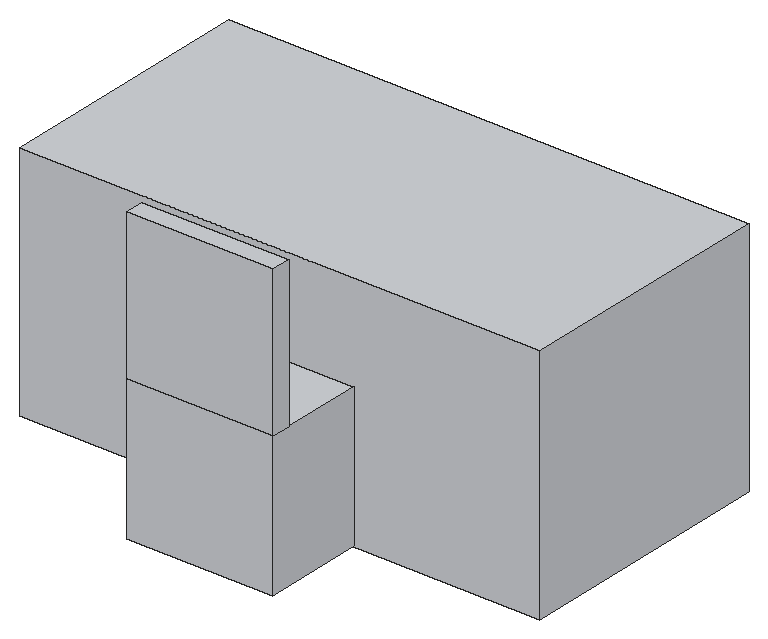
Revit family "LE Desk", category Furniture, Revit 2018
Family settings
  OmniClass Number = 23.40.20.00
  OmniClass Title = General Furniture and Specialties
  Work Plane-Based = No
  Always vertical = Yes
  Cut with Voids When Loaded = No
  Shared = No
  Room Calculation Point = No
Parameters (values of type "1600x800mm Large Desk")
  Width = 800 mm
  URL = "https://studiole.uk"
  Manufacturer = "LE"
  Length = 1600 mm
  Height = 740 mm
  Circulation [instance] = no
  Circulation Space = 750 mm
  Frame Material = none
  Chair Pull = 250 mm
  Chair Offset = 350 mm
  Chair Material = none
Types (4, lengths in mm): name | Width | Length
  1400x600mm Medium Desk | 600 | 1400
  1050x500mm Small Desk | 500 | 1050
  1200x800mm Medium Desk | 800 | 1200
  1600x800mm Large Desk | 800 | 1600
Reference planes
  plane 1 "Center (Front/Back)": y = 0
  plane 2: z = 0
  plane 3 "Center (Left/Right)": x = 0
  plane 4 "Left": x = -800
  plane 5 "Right": x = 800
  plane 6 "Foot": y = -400
  plane 7 "Head": y = 400
  plane 8 "Foot Circulation": y = -1150
  plane 9 "Height": z = 740
Forms (mm)
  Extrusion 1, solid, material <- "Frame Material"
    sketch origin (0, 0, 0) x (1, 0, 0) y (0, 1, 0)
      loop
        line (-800, 400) -> (-800, -400) -> (800, -400) -> (800, 400) -> (-800, 400)
    from 0 to 740 <- "Height"
Lines and regions (mm)
  model lines, style "FurnitureHiddenLines", visible <- "Circulation"
    curve 1: line (-800, -1150, 0) -> (800, -1150, 0)
Dimensions and locks
  "Width": plane 7 "Head" to plane 6 "Foot"
  equal spacing: plane 7 "Head", plane 1 "Center (Front/Back)", plane 6 "Foot"
  "Length": plane 4 "Left" to plane 5 "Right"
  equal spacing: plane 4 "Left", plane 3 "Center (Left/Right)", plane 5 "Right"
  "Circulation Space": plane 6 "Foot" to plane 8 "Foot Circulation"
  "Height": plane 9 "Height" to plane 2
  "Chair Pull": nested 1 to Extrusion 1
  aligned and locked: level to plane 2
Automatic sketch dimensions
  Extrusion 1 sketch curve to plane 4 "Left" = 0 mm
  Extrusion 1 sketch curve to plane 5 "Right" = 0 mm
  Extrusion 1 sketch curve to plane 6 "Foot" = 0 mm
  Extrusion 1 sketch curve to plane 7 "Head" = 0 mm
  curve 1 to plane 4 "Left" = 0 mm
  curve 1 to plane 5 "Right" = 0 mm
  curve 1 to plane 8 "Foot Circulation" = 0 mm
Nested families
  nested 1: "LE Chair" at (0, -485, 0), type "LE Chair"
Definition of nested family "LE Chair"
  Parameters (values of type "LE Chair")
    Width = 450 mm
    Seat Height = 440 mm
    Depth = 450 mm
    Chair Material = none
    Back Height = 900 mm
  Reference planes
    plane 1 "Center (Front/Back)": y = 0
    plane 2: z = 0
    plane 3 "Center (Left/Right)": x = 0
    plane 4 "Left": x = -225
    plane 5 "Right": x = 225
    plane 6 "Back": y = 225
    plane 7 "Front": y = -225
    plane 8 "Center L/T": y = 165
  Forms (mm)
    Extrusion 1, solid, material <- "Chair Material"
      sketch origin (0, 0, 0) x (1, 0, 0) y (0, 1, 0)
        loop
          line (-225, 225) -> (-225, -225) -> (225, -225) -> (225, 225) -> (-225, 225)
      from 0 to 440 <- "Seat Height"
    Extrusion 2, solid, material <- "Chair Material"
      sketch origin (0, 0, 0) x (1, 0, 0) y (0, 1, 0)
        loop
          line (-225, 165) -> (225, 165) -> (225, 225) -> (-225, 225) -> (-225, 165)
      from 440 <- "Seat Height" to 900 <- "Back Height"
  Dimensions and locks
    equal spacing: plane 4 "Left", plane 3 "Center (Left/Right)", plane 5 "Right"
    "Width": plane 4 "Left" to plane 5 "Right"
    "Depth": plane 7 "Front" to plane 6 "Back"
    equal spacing: plane 7 "Front", plane 1 "Center (Front/Back)", plane 6 "Back"
    plane 6 "Back" to plane 8 "Center L/T" = 60 mm
    aligned and locked: level to plane 2
  Automatic sketch dimensions
    Extrusion 1 sketch curve to plane 4 "Left" = 0 mm
    Extrusion 1 sketch curve to plane 5 "Right" = 0 mm
    plane 7 "Front" to Extrusion 1 sketch curve = 0 mm
    Extrusion 1 sketch curve to plane 6 "Back" = 0 mm
    Extrusion 2 sketch curve to plane 4 "Left" = 0 mm
    Extrusion 2 sketch curve to plane 5 "Right" = 0 mm
    Extrusion 2 sketch curve to plane 8 "Center L/T" = 0 mm
    Extrusion 2 sketch curve to plane 6 "Back" = 0 mm
